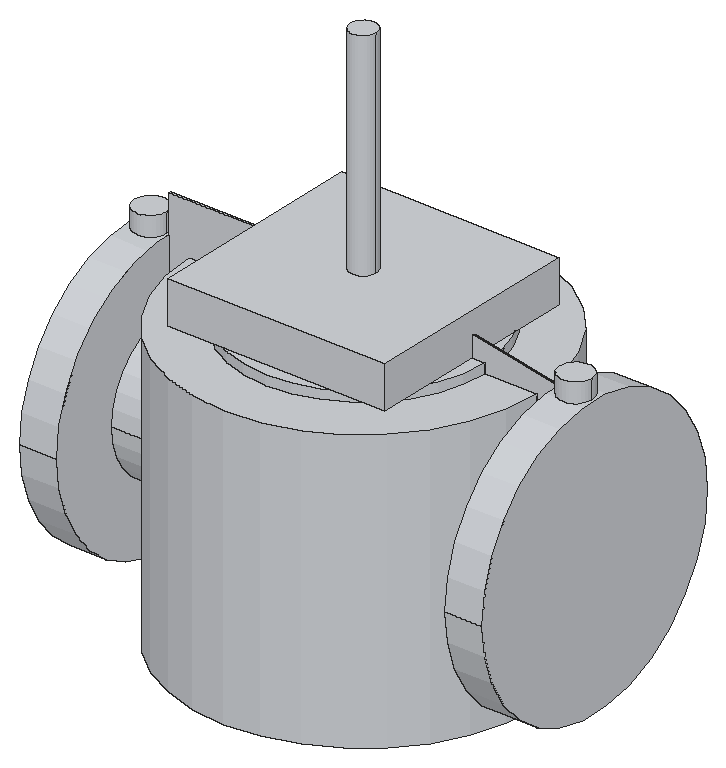
Revit family "OC-FLANGE_LF_DN250_PN16_RFA_2019", category Pipe Accessories, Revit 2019
Family settings
  Round Connector Dimension = Use Diameter
  Part Type = Valve - Breaks Into
  Work Plane-Based = No
  Always vertical = Yes
  Cut with Voids When Loaded = No
  Shared = No
Parameters (values of type "Optima Compact Flange PN16 DN250 LF")
  magiProductId = "4254bd6dcc3e44f98f38d0e788b611"
  magiProductFamilyId = "f0b264c0d7504b12868dd3b486e32a"
  magiPartTypeId = 304
  isMeasuringValve [instance] = no
  ang2D [instance] = 0.00°
  W2D = 50 mm
  VersionID = "2.0/2018.12.13.2/FRESE_OPT_COMP_BIG_Q13_001"
  Use Minimum Symbol Size [instance] = no
  URL = "www.hydronic.cz"
  Type Comments = "Přírubový; PN16; 0~110°C, s měřením"
  R4 = 192.15 mm
  R3 = 115.44 mm
  R1 = 274.5 mm
  QmdConnectorList = "301;D;302;D"
  Productdata [instance] = ""
  Manufacturer = "Hydronic Systems Prague s.r.o."
  MC Use Limits From Balancing Method = no
  MC Throttling Minimum Value = 0
  MC Throttling Maximum Value = 0
  MC Product Code = "53-1207 (DN250 LF; 48mm; pohon min 2500N; Qmin-dpmin 190000l/h-10.0kPa; Qmax-dpmin 475000l/h-35.0kPa; dpmax 800kPa)"
  MC Pressure Drop Minimum Value = 0.0 Pa
  MC Pressure Drop Maximum Value = 0.0 Pa
  MC Piping Given Pressure Drop [instance] = 0.0 Pa
  LF__ve = -LF  # -58.4 mm
  LF2 = 29.2 mm
  LF = 58.4 mm
  L4 = 343.1 mm
  L3 = 613.2 mm
  L2D_Min = 30.48 mm
  L2D = 230 mm
  L2 = 365 mm
  H6 = 339.4 mm
  H4 = 66.6 mm
  H3 = 15 mm
  H2 = 244.2 mm
  H1 = 444 mm
  H = 1094 mm
  Description = "Tlakově nezávislý 2-cestný regulační vyvažovací ventil (PICV)"
  DF2 = 222 mm
  DD = yes
  D = 250 mm
  CAT0 = yes
  AL2 = 156 mm
  ACT3W = 167 mm
  ACT3L = 92.5 mm
  ACT2L = 230 mm
  ACT2H = 311 mm
  A3WP = 112 mm
Types (2, lengths in mm): name | magiProductId | R4 | R3 | R1 | MC Product Code | LF__ve | LF2 | LF | L4 | L3 | L2 | H6 | H4 | H2 | H1 | H | DF2 | D
  Optima Compact Flange PN16 DN250 LF | "4254bd6dcc3e44f98f38d0e788b611" | 192.15 | 115.44 | 274.5 | "53-1207 (DN250 LF; 48mm; pohon min 2500N; Qmin-dpmin 190000l/h-10.0kPa; Qmax-dpmin 475000l/h-35.0kPa; dpmax 800kPa)" | -58.4 | 29.2 | 58.4 | 343.1 | 613.2 | 365 | 339.4 | 66.6 | 244.2 | 444 | 1094 | 222 | 250
  Optima Compact Flange PN16 DN300 LF | "ecb81ef8531940baa5b8b8db4f8dfa" | 251.65 | 135.2 | 359.5 | "53-1208 (DN300 LF; 48mm; pohon min 2500N; Qmin-dpmin 190000l/h-10.0kPa; Qmax-dpmin 475000l/h-35.0kPa; dpmax 800kPa)" | -68 | 34 | 68 | 399.5 | 714 | 425 | 290 | 78 | 286 | 520 | 1132 | 260 | 300
Reference planes
  plane 1 "Center (Front/Back)": y = 0
  plane 2 "XYPLANE": z = 0
  plane 3 "Center (Left/Right)": x = 0
  plane 4 "362": y = 45
  plane 5 "361": y = 55
  plane 6 "360": y = -102
  plane 7 "359": y = -112
  plane 8 "358": z = 852
  plane 9 "357": x = -87.5
  plane 10 "356": x = 87.5
  plane 11 "355": x = -92.5
  plane 12 "354": x = 92.5
  plane 13 "353": x = 35
  plane 14 "352": x = -35
  plane 15 "351": z = 627
  plane 16 "350": z = 812
  plane 17 "347": y = -25
  plane 18 "346": y = 25
  plane 19 "342": z = 280.4
  plane 20 "341": x = 306.6
  plane 21 "340": x = -306.6
  plane 22 "335": x = 106
  plane 23 "334": z = 759
  plane 24 "333": z = 684
  plane 25 "332": z = 689
  plane 26 "331": z = 729
  plane 27 "330": z = 561
  plane 28 "329": z = -222
  plane 29 "328": x = -45
  plane 30 "327": x = 45
  plane 31 "326": x = -49
  plane 32 "325": x = 49
  plane 33 "324": y = -20
  plane 34 "323": y = 20
  plane 35 "322": z = 869
  plane 36 "321": z = 872
  plane 37 "320": z = 581
  plane 38 "319": y = -61
  plane 39 "318": y = 73
  plane 40 "317": x = -74
  plane 41 "316": x = 156
  plane 42 "206": x = 335.8
  plane 43 "205": x = -335.8
  plane 44 "204": z = 222
  plane 45 "203": z = 281.4
  plane 46 "202": z = 214.8
  plane 47 "201": z = 199.8
  plane 48 "200": x = -306.6
  plane 49 "199": z = -244.2
  plane 50 "198": x = 0
  plane 51 "197": y = 0
  plane 52 "196": z = 0
  plane 53 "195": x = -365
  plane 54 "194": x = 365
  plane 55 "193": z = 620.8
  plane 56 "192": z = 784.8
Forms (mm)
  Extrusion 1, solid, visible <- "DD"
    sketch origin (750, 0, 0) x (-1, 0, 0) y (0, 0, 1)
      loop
        line (1056.6, 280.4) -> (750, 280.4) -> (443.4, 222) -> (443.4, -222) -> (1056.6, -222) -> (1056.6, 280.4)
    from 0 to 3
  Extrusion 2, solid, visible <- "CAT0"
    sketch origin (-750, 0, 222) x (1, 0, 0) y (0, 1, 0)
      loop
        circle (1085.8, 0) r 25.5
    from 0 to 30
  Extrusion 3, solid, visible <- "CAT0"
    sketch origin (-750, 0, 222) x (1, 0, 0) y (0, 1, 0)
      loop
        circle (414.2, 0) r 25.5
    from 0 to 30
  Extrusion 4, solid, visible <- "CAT0"
    sketch origin (-750, 0, 281.4) x (1, 0, 0) y (0, 1, 0)
      loop
        circle (750, 0) r 20
    from 0 to 339.4 <- "H6"
  Extrusion 5, solid, visible <- "CAT0"
    sketch origin (-750, 0, 214.8) x (1, 0, 0) y (0, 1, 0)
      loop
        line (921.55, 171.55) -> (578.45, 171.55) -> (578.45, -171.55) -> (921.55, -171.55) -> (921.55, 171.55)
    from 0 to 66.6 <- "H4"
  Extrusion 6, solid, visible <- "CAT0"
    sketch origin (-750, 0, 199.8) x (1, 0, 0) y (0, 1, 0)
      loop
        circle (750, 0) r 192.15
    from 0 to 15 <- "H3"
  Extrusion 7, solid, visible <- "CAT0"
    sketch origin (-306.6, -750, 0) x (0, 1, 0) y (0, 0, 1)
      loop
        circle (750, 0) r 115.44
    from 0 to 613.2 <- "L3"
  Extrusion 8, solid, visible <- "CAT0"
    sketch origin (-750, 0, -244.2) x (1, 0, 0) y (0, 1, 0)
      loop
        circle (750, 0) r 274.5
    from 0 to 444 <- "H1"
  Extrusion 9, solid, visible <- "CAT0"
    sketch origin (-365, -750, 0) x (0, 1, 0) y (0, 0, 1)
      loop
        circle (750, 0) r 222
    from 0 to 58.4 <- "LF"
  Extrusion 10, solid, visible <- "CAT0"
    sketch origin (365, -750, 0) x (0, 1, 0) y (0, 0, 1)
      loop
        circle (750, 0) r 222
    from 0 to -58.4 <- "LF__ve"
  Extrusion 11, solid, not visible
    sketch origin (-365, -750, 0) x (0, 1, 0) y (0, 0, 1)
      loop
        circle (750, 0) r 10
    from 0 to 10
  Extrusion 12, solid, not visible
    sketch origin (365, -750, 0) x (0, 1, 0) y (0, 0, 1)
      loop
        circle (750, 0) r 10
    from 0 to -10
Lines and regions (mm)
  reference lines, not visible
    curve 1: circle (2, 2, 0) r 1 normal (0, 0, 1)
  reference lines
    curve 2: circle (0, 0, 214.8) r 1 normal (0, 0, 1)
Dimensions and locks
  plane 1 "Center (Front/Back)" to curve 1 = 2 mm
  locked: plane 5 "361" to plane 4 "362" at 10
  "ACT3W": plane 7 "359" to plane 5 "361"
  locked: plane 7 "359" to plane 6 "360" at 10
  "A3WP": plane 51 "197" to plane 7 "359"
  locked: plane 36 "321" to plane 8 "358" at 20
  locked: plane 11 "355" to plane 9 "357" at 5
  locked: plane 12 "354" to plane 10 "356" at 5
  "ACT3L": plane 50 "198" to plane 11 "355"
  "ACT3L": plane 50 "198" to plane 12 "354"
  locked: plane 30 "327" to plane 13 "353" at 10
  locked: plane 29 "328" to plane 14 "352" at 10
  locked: plane 36 "321" to plane 15 "351" at 245
  locked: plane 36 "321" to plane 16 "350" at 60
  locked: plane 51 "197" to plane 17 "347" at 25
  locked: plane 51 "197" to plane 18 "346" at 25
  "LF": plane 44 "204" to plane 19 "342"
  "LF": plane 54 "194" to plane 20 "341"
  "LF": plane 53 "195" to plane 21 "340"
  locked: plane 41 "316" to plane 22 "335" at 50
  locked: plane 26 "331" to plane 23 "334" at 30
  locked: plane 35 "322" to plane 24 "333" at 185
  locked: plane 35 "322" to plane 25 "332" at 180
  locked: plane 35 "322" to plane 26 "331" at 140
  "ACT2H": plane 36 "321" to plane 27 "330"
  "DF2": plane 52 "196" to plane 28 "329"
  locked: plane 30 "327" to plane 29 "328" at 90
  locked: plane 50 "198" to plane 30 "327" at 45
  locked: plane 50 "198" to plane 31 "326" at 49
  locked: plane 50 "198" to plane 32 "325" at 49
  locked: plane 34 "323" to plane 33 "324" at 40
  locked: plane 51 "197" to plane 34 "323" at 20
  locked: plane 36 "321" to plane 35 "322" at 3
  "H": plane 28 "329" to plane 36 "321"
  locked: plane 27 "330" to plane 37 "320" at 20
  locked: plane 51 "197" to plane 38 "319" at 61
  locked: plane 51 "197" to plane 39 "318" at 73
  "ACT2L": plane 41 "316" to plane 40 "317"
  "AL2": plane 50 "198" to plane 41 "316"
  "LF2": plane 54 "194" to plane 42 "206"
  "LF2": plane 53 "195" to plane 43 "205"
  "DF2": plane 2 "XYPLANE" to plane 44 "204"
  "H4": plane 46 "202" to plane 45 "203"
  "H3": plane 47 "201" to plane 46 "202"
  "H1": plane 49 "199" to plane 47 "201"
  "LF": plane 53 "195" to plane 48 "200"
  "H2": plane 2 "XYPLANE" to plane 49 "199"
  locked: plane 3 "Center (Left/Right)" to plane 50 "198"
  locked: plane 1 "Center (Front/Back)" to plane 51 "197"
  locked: plane 2 "XYPLANE" to plane 52 "196"
  "L2": plane 3 "Center (Left/Right)" to plane 53 "195"
  "L2": plane 3 "Center (Left/Right)" to plane 54 "194"
  "H6": plane 45 "203" to plane 55 "193"
  locked: plane 55 "193" to plane 56 "192" at 164
  Extrusion 1 sketch curve to Extrusion 1 sketch curve = 0 mm  (x10)
  equal spacing: Extrusion 5 sketch curve, curve 2, Extrusion 5 sketch curve  (x2)
  "L4": Extrusion 5 sketch curve to Extrusion 5 sketch curve  (x2)
  Extrusion 5 sketch curve to Extrusion 5 sketch curve = 0 mm  (x8)
  "R4": radius of Extrusion 6 sketch curve
  "R3": radius of Extrusion 7 sketch curve
  "R1": radius of Extrusion 8 sketch curve
  "DF2": radius of Extrusion 9 sketch curve
  "DF2": radius of Extrusion 10 sketch curve
  aligned and locked: level to plane 2 "XYPLANE"
  aligned and locked: plane 21 "340" to Extrusion 1 sketch curve  (x2)
  aligned and locked: plane 19 "342" to Extrusion 1 sketch curve
  aligned and locked: plane 28 "329" to Extrusion 1 sketch curve  (x2)
  aligned and locked: plane 20 "341" to Extrusion 1 sketch curve  (x2)
  aligned and locked: plane 44 "204" to Extrusion 1 sketch curve
  aligned and locked: plane 50 "198" to Extrusion 1 sketch curve
  aligned and locked: Extrusion 1 sketch curve to plane 19 "342"
  aligned and locked: plane 42 "206" to Extrusion 2 sketch curve
  aligned and locked: plane 51 "197" to Extrusion 2 sketch curve
  aligned and locked: plane 43 "205" to Extrusion 3 sketch curve
  aligned and locked: plane 51 "197" to Extrusion 3 sketch curve
  aligned and locked: plane 50 "198" to Extrusion 4 sketch curve
  aligned and locked: plane 51 "197" to Extrusion 4 sketch curve
  aligned and locked: plane 50 "198" to curve 2
  aligned and locked: plane 51 "197" to curve 2
  aligned and locked: plane 50 "198" to Extrusion 6 sketch curve
  aligned and locked: plane 51 "197" to Extrusion 6 sketch curve
  aligned and locked: Extrusion 7 sketch curve to plane 51 "197"
  aligned and locked: plane 52 "196" to Extrusion 7 sketch curve
  aligned and locked: plane 50 "198" to Extrusion 8 sketch curve
  aligned and locked: plane 51 "197" to Extrusion 8 sketch curve
  aligned and locked: Extrusion 9 sketch curve to plane 51 "197"
  aligned and locked: plane 52 "196" to Extrusion 9 sketch curve
  aligned and locked: Extrusion 10 sketch curve to plane 51 "197"
  aligned and locked: plane 52 "196" to Extrusion 10 sketch curve
  aligned and locked: Extrusion 11 sketch curve to plane 51 "197"
  aligned and locked: plane 52 "196" to Extrusion 11 sketch curve
  aligned and locked: Extrusion 12 sketch curve to plane 51 "197"
  aligned and locked: plane 52 "196" to Extrusion 12 sketch curve
Automatic sketch dimensions
  plane 20 "341" to Extrusion 2 sketch curve = 3.7 mm
  plane 53 "195" to Extrusion 3 sketch curve = 3.7 mm
  plane 14 "352" to Extrusion 4 sketch curve = 15 mm
  plane 1 "Center (Front/Back)" to Extrusion 11 sketch curve = 10 mm
  plane 1 "Center (Front/Back)" to Extrusion 12 sketch curve = 10 mm
  plane 3 "Center (Left/Right)" to curve 1 = 2 mm
  Extrusion 5 sketch curve to plane 11 "355" = 79.05 mm
  Extrusion 5 sketch curve to plane 7 "359" = 59.55 mm
  radius of curve 2 = 1 mm
  radius of curve 1 = 1 mm
Connectors
  piping at (-365, 0, 0), diameter 250, driven by "D"
    settings: on Extrusion 11, index 1, connector inside diameter 609.6 mm, connector length 0 mm, flow factor 0, pipe flow 0.0 L/s, pressure drop 0.0 Pa, fitting loss kfactor 0, connector angle 0.00°, fixture units 0, engagement length 0 mm, angle of deflection 0.00°, flow configuration 0, flow direction 0, fitting loss method 0, system type 29, joint type 0, gender type 0, connector reference index 2, connector utility 0, adjustable connector no, is connector primary yes, connector description ""
  piping at (365, 0, 0), diameter 250, driven by "D"
    settings: on Extrusion 12, index 2, connector inside diameter 609.6 mm, connector length 0 mm, flow factor 0, pipe flow 0.0 L/s, pressure drop 0.0 Pa, fitting loss kfactor 0, connector angle 0.00°, fixture units 0, engagement length 0 mm, angle of deflection 0.00°, flow configuration 0, flow direction 0, fitting loss method 0, system type 29, joint type 0, gender type 0, connector reference index 1, connector utility 0, adjustable connector no, is connector primary no, connector description ""
